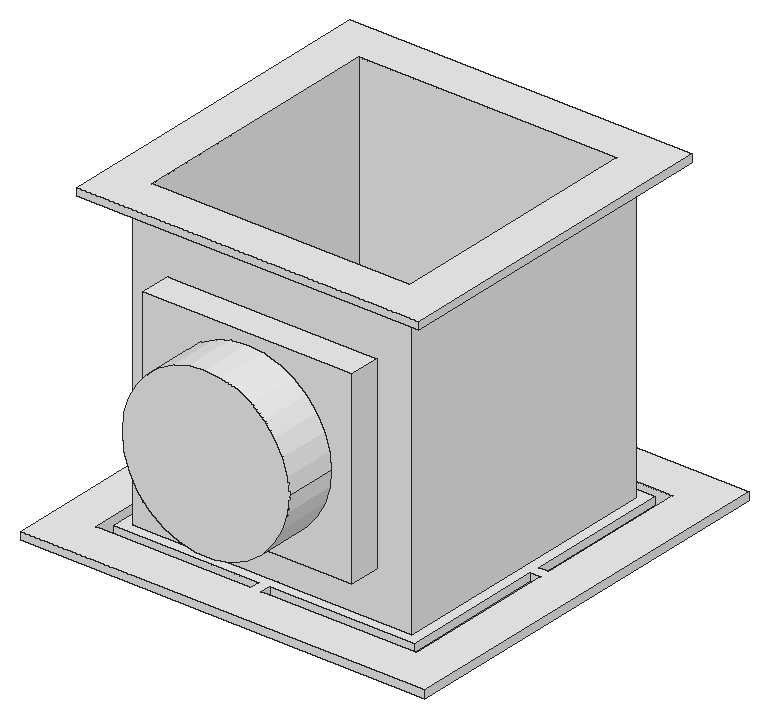
Revit family "Ceiling-Fan_VCDK-005C_Carnes", category Mechanical Equipment, host Ceiling, Revit 2012
Parameters
  ecoScorecard_data = ""
  ecoScorecard Product Page = "http://ecoscorecard.com/"
  Warranty URL = "http://www.carnes.com/GeneralCatalogs/termcond.pdf"
  Housing = Aluminum-Carnes-Spun-Brushed
  URL = "http://www.carnes.com/index.html"
  Specifications URL = ""
  Product Page URL = "http://www.carnes.com/Ventilation/VCDD-VCDK.htm"
  Parts List URL = "http://www.carnes.com/Ventilation/pdf/22005.pdf"
  Model = "VCDK 05C"  # constant formula
  Material = ""
  Manufacturer Toll Free Phone = ""
  Manufacturer Phone = "608-845-6411"  # constant formula
  Manufacturer Fax = "608-845-6470"  # constant formula
  Manufacturer Email = "mailto:carnes@carnes.com"
  Manufacturer Address = "448 S. Main St., P. O. Box 930040, Verona, WI 53593-0040"  # constant formula
  Manufacturer = "CARNES COMPANY"  # constant formula
  IOM Instructions URL = "http://www.carnes.com/ventilation/pdf/11221.pdf"
  Grill Size = "9-11/16 Sq."
  Grill Depth = 0' - 0 3/8"
  Duct Radius = 0' - 2"
  Duct Connector = "4\""
  Description = "Ceiling Ventilators"  # constant formula
  Cost Info = "mailto:carnes@carnes.com"
  Catalog URL = "http://www.carnes.com/Ventilation/pdf/C269-C295.pdf"
  Box Size = "6 11/16 Sq."
  Box Depth = 0' - 7 5/16"
  Assembly Code = "D3040200"
  95 CSI = "15850"  # constant formula
  04 CSI = "23 37 13"  # constant formula
Reference planes (in)
  plane 1 "Center (Front/Back)": y = 0
  plane 2 "Ceiling": z = 96
  plane 3 "Center (Left/Right)": x = 0
  plane 4: y = 3.34375
  plane 5: x = -3.34375
  plane 6: y = -3.34375
  plane 7: x = 3.34375
  plane 8: z = 95.625
  plane 9: z = 103.3125
  plane 10: y = 4.84375
  plane 11: x = -4.84375
  plane 12: y = -4.84375
  plane 13: x = 4.84375
  plane 14: y = 4.09375
  plane 15: x = -4.09375
  plane 16: y = -4.09375
  plane 17: x = 4.09375
  plane 18: z = 103.125
  plane 19: x = 3.09375
Forms (in)
  Sweep 1, solid, material "Aluminum-Carnes-Spun-Brushed" <- "Housing", detail levels fine
    path origin (0, 0, 96) x (0, -1, 0) y (1, 0, 0)
      loop
        line (-4.09375, 4.09375) -> (-4.09375, -4.09375) -> (4.09375, -4.09375) -> (4.09375, 4.09375) -> (-4.09375, 4.09375)
    profile origin (4.09375, 0, 96) x (1, 0, 0) y (0, 0, 1)
      loop
        line (0, 7.125) -> (0, 7.3125) -> (-0.75, 7.3125) -> (-0.75, 7.125) -> (0, 7.125)
  Sweep 2, solid, material "Aluminum-Carnes-Spun-Brushed" <- "Housing", detail levels fine
    path origin (0, 0, 96) x (0, -1, 0) y (1, 0, 0)
      loop
        line (-3.34375, 3.34375) -> (-3.34375, -3.34375) -> (3.34375, -3.34375) -> (3.34375, 3.34375) -> (-3.34375, 3.34375)
    profile origin (3.34375, 0, 96) x (1, 0, 0) y (0, 0, 1)
      loop
        line (-0.25, 0) -> (0, 0) -> (0, 7.3125) -> (-0.25, 7.3125) -> (-0.25, 0)
  Extrusion 3, solid, material "Aluminum-Carnes-Spun-Brushed" <- "Housing", detail levels fine
    sketch origin (0, 0, 96.375) x (1, 0, 0) y (0, 0, 1)
      loop
        circle (0, 3) r 2
    from 4.09375 to 5.34375
  Extrusion 4, solid, material "Aluminum-Carnes-Spun-Brushed" <- "Housing", detail levels fine
    sketch origin (0, 0, 102.375) x (0, -1, 0) y (1, 0, 0)
      loop
        line (3.34375, -2.5) -> (4.09375, -2.5) -> (4.09375, 2.5) -> (3.34375, 2.5) -> (3.34375, -2.5)
    from -5.25 to -0.75
Cuts and joins
  joined: Sweep 1, Sweep 2, Extrusion 3, Extrusion 4
Lines and regions (in)
  Opening 1
    outline origin (-60, 60, 97) x (-1, 0, 0) y (0, -1, 0)
      loop
        line (-55.15625, 55.15625) -> (-55.15625, 64.84375) -> (-64.84375, 64.84375) -> (-64.84375, 55.15625) -> (-55.15625, 55.15625)
  model lines, detail levels coarse+medium
    curve 1: line (-4.84375, 4.84375, 96) -> (4.84375, 4.84375, 96)
    curve 2: line (4.84375, -4.84375, 96) -> (4.84375, 4.84375, 96)
    curve 3: line (-4.84375, -4.84375, 96) -> (-2, -4.84375, 96)
    curve 4: line (-2, -5.34375, 96) -> (2, -5.34375, 96)
    curve 5: line (-4.84375, -4.84375, 96) -> (-4.84375, 4.84375, 96)
    curve 6: line (-2, -5.34375, 96) -> (-2, -4.84375, 96)
    curve 7: line (2, -5.34375, 96) -> (2, -4.84375, 96)
    curve 8: line (2, -4.84375, 96) -> (4.84375, -4.84375, 96)
Dimensions and locks (in)
  equal spacing: host sketch curve, plane 3 "Center (Left/Right)", host sketch curve
  equal spacing: host sketch curve, plane 1 "Center (Front/Back)", host sketch curve
  host sketch curve to host sketch curve = 10' - 0"  (x2)
  equal spacing: plane 5, plane 3 "Center (Left/Right)", plane 7
  plane 5 to plane 7 = 0' - 6 11/16"
  equal spacing: plane 4, plane 1 "Center (Front/Back)", plane 6
  plane 4 to plane 6 = 0' - 6 11/16"
  "Grill Depth": plane 2 "Ceiling" to plane 8
  "Box Depth": plane 9 to plane 2 "Ceiling"
  equal spacing: plane 10, plane 1 "Center (Front/Back)", plane 12
  plane 10 to plane 12 = 0' - 9 11/16"
  equal spacing: plane 11, plane 3 "Center (Left/Right)", plane 13
  plane 11 to plane 13 = 0' - 9 11/16"
  equal spacing: plane 15, plane 3 "Center (Left/Right)", plane 17
  plane 15 to plane 17 = 0' - 8 3/16"
  equal spacing: plane 14, plane 1 "Center (Front/Back)", plane 16
  plane 14 to plane 16 = 0' - 8 3/16"
  "Duct Radius": radius of Extrusion 3 sketch curve
  aligned and locked: plane 18 to Sweep 1 sketch curve
  aligned and locked: Sweep 2 sketch curve to plane 19
  aligned and locked: plane 1 "Center (Front/Back)" to nested 1
  aligned and locked: nested 1 to plane 3 "Center (Left/Right)"
Automatic sketch dimensions
  Sweep 1 sketch curve to plane 14 = 0' - 0"
  Sweep 1 sketch curve to plane 15 = 0' - 0"
  plane 16 to Sweep 1 sketch curve = 0' - 0"
  Sweep 1 sketch curve to plane 17 = 0' - 0"
  profile plane to Sweep 1 sketch curve = 0' - 0"
  Sweep 1 sketch curve to plane 18 = 0' - 0 3/16"
  profile plane to Sweep 1 sketch curve = 0' - 0 3/4"
  Sweep 2 sketch curve to plane 4 = 0' - 0"
  plane 6 to Sweep 2 sketch curve = 0' - 0"
  Sweep 2 sketch curve to plane 5 = 0' - 0"
  Sweep 2 sketch curve to plane 7 = 0' - 0"
  profile plane to Sweep 2 sketch curve = 0' - 0"
  Sweep 2 sketch curve to profile plane = 0' - 0"
  profile plane to Sweep 2 sketch curve = 0' - 7 5/16"
  Extrusion 3 sketch curve to plane 3 "Center (Left/Right)" = 0' - 0"
  plane 2 "Ceiling" to Extrusion 3 sketch curve = 0' - 3 3/8"
  plane 6 to Extrusion 4 sketch curve = 0' - 0"
  plane 16 to Extrusion 4 sketch curve = 0' - 0"
  plane 5 to Extrusion 4 sketch curve = 0' - 0 27/32"
  plane 7 to Extrusion 4 sketch curve = 0' - 0 27/32"
  Opening 1 sketch curve to plane 10 = 0' - 0"
  plane 13 to Opening 1 sketch curve = 0' - 0"
  plane 11 to Opening 1 sketch curve = 0' - 0"
  plane 12 to Opening 1 sketch curve = 0' - 0"
  curve 1 to plane 10 = 0' - 0"
  curve 1 to plane 11 = 0' - 0"
  plane 12 to curve 6 = 0' - 0"
  curve 2 to plane 13 = 0' - 0"
  plane 5 to curve 6 = 0' - 1 11/32"
  plane 12 to curve 4 = 0' - 0 1/2"
  plane 7 to curve 4 = 0' - 1 11/32"
  plane 12 to curve 7 = 0' - 0"
Nested families (in)
  nested 1: "Grill 1" at (0, 0, 95.625) x (0, -1, 0) z (0, 0, 1), type "Grill 1", detail levels fine
Definition of nested family "Grill 1"
  Parameters (values of type "Grill 1")
    Width = 0' - 9 11/16"
    Height = 0' - 0 3/8"
    Grill = Aluminum-Carnes-Spun-Brushed
    Depth = 0' - 9 11/16"
    Default Elevation = 4' - 0"
    Assembly Code = ""
  Reference planes (in)
    plane 1 "Center (Front/Back)": y = 0
    plane 2: z = 0
    plane 3 "Center (Left/Right)": x = 0
    plane 4: x = -4.84375
    plane 5: x = 4.84375
    plane 6: y = 4.84375
    plane 7: y = -4.84375
    plane 8: z = 0.375
  Forms (in)
    Sweep 1, solid, material "Aluminum-Carnes-Spun-Brushed" <- "Grill"
      path origin (0, 0, 0) x (1, 0, 0) y (0, 1, 0)
        loop
          line (-4.84375, 4.84375) -> (-4.84375, -4.84375) -> (4.84375, -4.84375) -> (4.84375, 4.84375) -> (-4.84375, 4.84375)
      profile origin (0, 4.84375, 0) x (0, 1, 0) y (0, 0, 1)
        loop
          line (0, 0.375) -> (-1, 0.375) -> (-1, 0) -> (-0.54372, 0) -> (0, 0.1875) -> (0, 0.375)
    Sweep 2, solid, material "Aluminum-Carnes-Spun-Brushed" <- "Grill"
      path in 3D
        loop
          line (-3.84375, 3.84375, 0.375) -> (3.84375, 3.84375, 0.375) -> (3.84375, -3.84375, 0.375) -> (-3.84375, -3.84375, 0.375) -> (-3.84375, 3.84375, 0.375)
      profile origin (-3.84375, 0, 0.375) x (-1, 0, 0) y (0, 0, 1)
        loop
          line (-0.25, -0.1875) -> (-0.25, 0) -> (-0.5, 0) -> (-0.5, -0.375) -> (-0.375, -0.375) -> (-0.25, -0.1875)
    Sweep 3, solid, material "Aluminum-Carnes-Spun-Brushed" <- "Grill"
      path in 3D
        loop
          line (3.34375, 3.34375, 0.375) -> (3.34375, -3.34375, 0.375) -> (-3.34375, -3.34375, 0.375) -> (-3.34375, 3.34375, 0.375) -> (3.34375, 3.34375, 0.375)
      profile origin (0, 3.34375, 0.375) x (0, 1, 0) y (0, 0, 1)
        loop
          line (-0.25, -0.1875) -> (-0.25, 0) -> (-0.5, 0) -> (-0.5, -0.375) -> (-0.375, -0.375) -> (-0.25, -0.1875)
    Sweep 4, solid, material "Aluminum-Carnes-Spun-Brushed" <- "Grill"
      path in 3D
        loop
          line (2.84375, 2.84375, 0.375) -> (2.84375, -2.84375, 0.375) -> (-2.84375, -2.84375, 0.375) -> (-2.84375, 2.84375, 0.375) -> (2.84375, 2.84375, 0.375)
      profile origin (0, 2.84375, 0.375) x (0, 1, 0) y (0, 0, 1)
        loop
          line (-0.25, -0.1875) -> (-0.25, 0) -> (-0.5, 0) -> (-0.5, -0.375) -> (-0.375, -0.375) -> (-0.25, -0.1875)
    Sweep 5, solid, material "Aluminum-Carnes-Spun-Brushed" <- "Grill"
      path in 3D
        loop
          line (2.34375, 2.34375, 0.375) -> (2.34375, -2.34375, 0.375) -> (-2.34375, -2.34375, 0.375) -> (-2.34375, 2.34375, 0.375) -> (2.34375, 2.34375, 0.375)
      profile origin (0, 2.34375, 0.375) x (0, 1, 0) y (0, 0, 1)
        loop
          line (-0.25, -0.1875) -> (-0.25, 0) -> (-0.5, 0) -> (-0.5, -0.375) -> (-0.375, -0.375) -> (-0.25, -0.1875)
    Sweep 6, solid, material "Aluminum-Carnes-Spun-Brushed" <- "Grill"
      path in 3D
        loop
          line (-1.84375, 1.84375, 0.375) -> (1.84375, 1.84375, 0.375) -> (1.84375, -1.84375, 0.375) -> (-1.84375, -1.84375, 0.375) -> (-1.84375, 1.84375, 0.375)
      profile origin (-1.84375, 0, 0.375) x (-1, 0, 0) y (0, 0, 1)
        loop
          line (-0.25, -0.1875) -> (-0.25, 0) -> (-0.5, 0) -> (-0.5, -0.375) -> (-0.375, -0.375) -> (-0.25, -0.1875)
    Sweep 7, solid, material "Aluminum-Carnes-Spun-Brushed" <- "Grill"
      path in 3D
        loop
          line (-1.34375, 1.34375, 0.375) -> (1.34375, 1.34375, 0.375) -> (1.34375, -1.34375, 0.375) -> (-1.34375, -1.34375, 0.375) -> (-1.34375, 1.34375, 0.375)
      profile origin (-1.34375, 0, 0.375) x (-1, 0, 0) y (0, 0, 1)
        loop
          line (-0.5, -0.375) -> (-0.5, 0) -> (-0.75, 0) -> (-0.75, -0.375) -> (-0.5, -0.375)
    Extrusion 8, solid, material "Aluminum-Carnes-Spun-Brushed" <- "Grill"
      sketch origin (0, 0, 0) x (1, 0, 0) y (0, 1, 0)
        loop
          line (-0.59375, 0.59375) -> (-0.59375, -0.59375) -> (0.59375, -0.59375) -> (0.59375, 0.59375) -> (-0.59375, 0.59375)
      from 0 to 0.375
    Extrusion 9, solid, material "Aluminum-Carnes-Spun-Brushed" <- "Grill"
      sketch origin (0, 0, 0) x (1, 0, 0) y (0, 1, 0)
        loop
          line (-0.125, 0.84375) -> (0.125, 0.84375) -> (0.125, 1.34375) -> (-0.125, 1.34375) -> (-0.125, 0.84375)
        loop
          line (0.125, 3.84375) -> (-0.125, 3.84375) -> (-0.125, 3.59375) -> (0.125, 3.59375) -> (0.125, 3.84375)
        loop
          line (-0.125, 3.34375) -> (-0.125, 3.09375) -> (0.125, 3.09375) -> (0.125, 3.34375) -> (-0.125, 3.34375)
        loop
          line (-0.125, 2.84375) -> (-0.125, 2.59375) -> (0.125, 2.59375) -> (0.125, 2.84375) -> (-0.125, 2.84375)
        loop
          line (-0.125, 2.34375) -> (-0.125, 2.09375) -> (0.125, 2.09375) -> (0.125, 2.34375) -> (-0.125, 2.34375)
        loop
          line (-0.125, 1.84375) -> (-0.125, 1.59375) -> (0.125, 1.59375) -> (0.125, 1.84375) -> (-0.125, 1.84375)
      from 0 to 0.375
    Extrusion 10, solid, material "Aluminum-Carnes-Spun-Brushed" <- "Grill"
      sketch origin (0, 0, 0) x (1, 0, 0) y (0, 1, 0)
        loop
          line (3.84375, -0.125) -> (3.84375, 0.125) -> (3.59375, 0.125) -> (3.59375, -0.125) -> (3.84375, -0.125)
        loop
          line (3.34375, 0.125) -> (3.09375, 0.125) -> (3.09375, -0.125) -> (3.34375, -0.125) -> (3.34375, 0.125)
        loop
          line (2.84375, 0.125) -> (2.59375, 0.125) -> (2.59375, -0.125) -> (2.84375, -0.125) -> (2.84375, 0.125)
        loop
          line (2.34375, 0.125) -> (2.09375, 0.125) -> (2.09375, -0.125) -> (2.34375, -0.125) -> (2.34375, 0.125)
        loop
          line (1.84375, 0.125) -> (1.59375, 0.125) -> (1.59375, -0.125) -> (1.84375, -0.125) -> (1.84375, 0.125)
        loop
          line (1.34375, 0.125) -> (0.84375, 0.125) -> (0.84375, -0.125) -> (1.34375, -0.125) -> (1.34375, 0.125)
      from 0 to 0.375
    Extrusion 11, solid, material "Aluminum-Carnes-Spun-Brushed" <- "Grill"
      sketch origin (0, 0, 0) x (1, 0, 0) y (0, 1, 0)
        loop
          line (-3.84375, 0.125) -> (-3.84375, -0.125) -> (-3.59375, -0.125) -> (-3.59375, 0.125) -> (-3.84375, 0.125)
        loop
          line (-0.84375, -0.125) -> (-0.84375, 0.125) -> (-1.34375, 0.125) -> (-1.34375, -0.125) -> (-0.84375, -0.125)
        loop
          line (-3.34375, -0.125) -> (-3.09375, -0.125) -> (-3.09375, 0.125) -> (-3.34375, 0.125) -> (-3.34375, -0.125)
        loop
          line (-2.84375, -0.125) -> (-2.59375, -0.125) -> (-2.59375, 0.125) -> (-2.84375, 0.125) -> (-2.84375, -0.125)
        loop
          line (-2.34375, -0.125) -> (-2.09375, -0.125) -> (-2.09375, 0.125) -> (-2.34375, 0.125) -> (-2.34375, -0.125)
        loop
          line (-1.84375, -0.125) -> (-1.59375, -0.125) -> (-1.59375, 0.125) -> (-1.84375, 0.125) -> (-1.84375, -0.125)
      from 0 to 0.375
    Extrusion 12, solid, material "Aluminum-Carnes-Spun-Brushed" <- "Grill"
      sketch origin (0, 0, 0) x (1, 0, 0) y (0, 1, 0)
        loop
          line (-0.125, -3.84375) -> (0.125, -3.84375) -> (0.125, -3.59375) -> (-0.125, -3.59375) -> (-0.125, -3.84375)
        loop
          line (0.125, -0.84375) -> (-0.125, -0.84375) -> (-0.125, -1.34375) -> (0.125, -1.34375) -> (0.125, -0.84375)
        loop
          line (0.125, -3.34375) -> (0.125, -3.09375) -> (-0.125, -3.09375) -> (-0.125, -3.34375) -> (0.125, -3.34375)
        loop
          line (0.125, -2.84375) -> (0.125, -2.59375) -> (-0.125, -2.59375) -> (-0.125, -2.84375) -> (0.125, -2.84375)
        loop
          line (0.125, -2.34375) -> (0.125, -2.09375) -> (-0.125, -2.09375) -> (-0.125, -2.34375) -> (0.125, -2.34375)
        loop
          line (0.125, -1.84375) -> (0.125, -1.59375) -> (-0.125, -1.59375) -> (-0.125, -1.84375) -> (0.125, -1.84375)
      from 0 to 0.375
  Cuts and joins
    joined: Sweep 1, Sweep 2, Sweep 3, Sweep 4, Sweep 5, Sweep 6, Sweep 7, Extrusion 8, Extrusion 9, Extrusion 10, Extrusion 11, Extrusion 12
  Lines and regions (in)
    sketch lines
      curve 1: line (-3.84375, -3.84375, 0.375) -> (-3.84375, 3.84375, 0.375)
      curve 2: line (3.84375, -3.84375, 0.375) -> (-3.84375, -3.84375, 0.375)
      curve 3: line (3.84375, 3.84375, 0.375) -> (3.84375, -3.84375, 0.375)
      curve 4: line (-3.84375, 3.84375, 0.375) -> (3.84375, 3.84375, 0.375)
      curve 5: line (-3.34375, 3.34375, 0.375) -> (3.34375, 3.34375, 0.375)
      curve 6: line (-3.34375, -3.34375, 0.375) -> (-3.34375, 3.34375, 0.375)
      curve 7: line (3.34375, -3.34375, 0.375) -> (-3.34375, -3.34375, 0.375)
      curve 8: line (3.34375, 3.34375, 0.375) -> (3.34375, -3.34375, 0.375)
      curve 9: line (-2.84375, 2.84375, 0.375) -> (2.84375, 2.84375, 0.375)
      curve 10: line (-2.84375, -2.84375, 0.375) -> (-2.84375, 2.84375, 0.375)
      curve 11: line (2.84375, -2.84375, 0.375) -> (-2.84375, -2.84375, 0.375)
      curve 12: line (2.84375, 2.84375, 0.375) -> (2.84375, -2.84375, 0.375)
      curve 13: line (-2.34375, 2.34375, 0.375) -> (2.34375, 2.34375, 0.375)
      curve 14: line (-2.34375, -2.34375, 0.375) -> (-2.34375, 2.34375, 0.375)
      curve 15: line (2.34375, -2.34375, 0.375) -> (-2.34375, -2.34375, 0.375)
      curve 16: line (2.34375, 2.34375, 0.375) -> (2.34375, -2.34375, 0.375)
      curve 17: line (-1.84375, -1.84375, 0.375) -> (-1.84375, 1.84375, 0.375)
      curve 18: line (1.84375, -1.84375, 0.375) -> (-1.84375, -1.84375, 0.375)
      curve 19: line (1.84375, 1.84375, 0.375) -> (1.84375, -1.84375, 0.375)
      curve 20: line (-1.84375, 1.84375, 0.375) -> (1.84375, 1.84375, 0.375)
      curve 21: line (-1.34375, -1.34375, 0.375) -> (-1.34375, 1.34375, 0.375)
      curve 22: line (1.34375, -1.34375, 0.375) -> (-1.34375, -1.34375, 0.375)
      curve 23: line (1.34375, 1.34375, 0.375) -> (1.34375, -1.34375, 0.375)
      curve 24: line (-1.34375, 1.34375, 0.375) -> (1.34375, 1.34375, 0.375)
  Dimensions and locks (in)
    equal spacing: plane 6, plane 1 "Center (Front/Back)", plane 7
    equal spacing: plane 4, plane 3 "Center (Left/Right)", plane 5
    "Width": plane 4 to plane 5
    "Depth": plane 6 to plane 7
    "Height": plane 8 to plane 2
    locked: profile plane to Sweep 1 sketch curve at 0.54372
    locked: plane 8 to Sweep 1 sketch curve at 0.1875
    equal spacing: Extrusion 9 sketch curve, plane 3 "Center (Left/Right)", Extrusion 9 sketch curve
    equal spacing: Extrusion 10 sketch curve, plane 1 "Center (Front/Back)", Extrusion 10 sketch curve
    aligned and locked: plane 2 to level
    aligned and locked: Sweep 1 sketch curve to plane 6
    aligned and locked: Sweep 1 sketch curve to plane 4
    aligned and locked: Sweep 1 sketch curve to plane 7
    aligned and locked: Sweep 1 sketch curve to plane 5
    aligned and locked: Sweep 1 sketch curve to profile plane
    aligned and locked: Sweep 1 sketch curve to plane 8
    aligned and locked: profile plane to Sweep 1 sketch curve
    aligned and locked: profile plane to Sweep 2 sketch curve
    aligned and locked: level to Sweep 2 sketch curve
    aligned and locked: profile plane to Sweep 3 sketch curve
    aligned and locked: level to Sweep 3 sketch curve
    aligned and locked: profile plane to Sweep 4 sketch curve
    aligned and locked: level to Sweep 4 sketch curve
    aligned and locked: profile plane to Sweep 5 sketch curve
    aligned and locked: level to Sweep 5 sketch curve
    aligned and locked: profile plane to Sweep 6 sketch curve
    aligned and locked: level to Sweep 6 sketch curve
    aligned and locked: profile plane to Sweep 7 sketch curve
    aligned and locked: level to Sweep 7 sketch curve
    aligned and locked: Extrusion 8 sketch curve to Sweep 7  (x4)
    aligned and locked: Extrusion 8 to plane 2
    aligned and locked: plane 8 to Extrusion 8
    aligned and locked: Sweep 1 to Extrusion 9 sketch curve
    aligned and locked: Sweep 2 to Extrusion 9 sketch curve  (x2)
    aligned and locked: Sweep 3 to Extrusion 9 sketch curve
    aligned and locked: Sweep 4 to Extrusion 9 sketch curve
    aligned and locked: Sweep 5 to Extrusion 9 sketch curve  (x2)
    aligned and locked: Extrusion 9 sketch curve to Extrusion 9 sketch curve  (x10)
    aligned and locked: Extrusion 9 to plane 2
    aligned and locked: plane 8 to Extrusion 9
    aligned and locked: cut or joined group 1 (Sweep 1, Sweep 2, Sweep 3, Sweep 4, Sweep 5, Sweep 6, Sweep 7, Extrusion 8, Extrusion 9, Extrusion 10, Extrusion 11, Extrusion 12) to Extrusion 10 sketch curve  (x11)
    aligned and locked: Extrusion 10 sketch curve to Extrusion 10 sketch curve  (x10)
    aligned and locked: Extrusion 10 to plane 2
    aligned and locked: plane 8 to Extrusion 10
    aligned and locked: cut or joined group 1 to Extrusion 11 sketch curve  (x12)
    aligned and locked: Extrusion 11 to plane 2
    aligned and locked: plane 8 to Extrusion 11
    aligned and locked: cut or joined group 1 to Extrusion 12 sketch curve  (x12)
    aligned and locked: Extrusion 12 to plane 2
    aligned and locked: plane 8 to Extrusion 12
  Automatic sketch dimensions
    Sweep 1 sketch curve to Sweep 1 sketch curve = 0' - 0.45628"
    profile plane to Sweep 2 sketch curve = 0' - 0 1/2"
    Sweep 2 sketch curve to Sweep 2 sketch curve = 0' - 0 1/8"
    profile plane to Sweep 2 sketch curve = 0' - 0 1/4"
    Sweep 2 sketch curve to Sweep 2 sketch curve = 0' - 0 3/16"
    profile plane to Sweep 3 sketch curve = 0' - 0 1/2"
    Sweep 3 sketch curve to Sweep 3 sketch curve = 0' - 0 1/8"
    profile plane to Sweep 3 sketch curve = 0' - 0 1/4"
    Sweep 3 sketch curve to Sweep 3 sketch curve = 0' - 0 3/16"
    profile plane to Sweep 4 sketch curve = 0' - 0 1/2"
    Sweep 4 sketch curve to Sweep 4 sketch curve = 0' - 0 1/8"
    Sweep 4 sketch curve to Sweep 4 sketch curve = 0' - 0 1/4"
    Sweep 4 sketch curve to profile plane = 0' - 0 3/16"
    profile plane to Sweep 5 sketch curve = 0' - 0 1/2"
    Sweep 5 sketch curve to Sweep 5 sketch curve = 0' - 0 1/8"
    Sweep 5 sketch curve to Sweep 5 sketch curve = 0' - 0 1/4"
    Sweep 5 sketch curve to profile plane = 0' - 0 3/16"
    profile plane to Sweep 6 sketch curve = 0' - 0 1/2"
    Sweep 6 sketch curve to Sweep 6 sketch curve = 0' - 0 1/8"
    Sweep 6 sketch curve to Sweep 6 sketch curve = 0' - 0 1/4"
    Sweep 6 sketch curve to profile plane = 0' - 0 3/16"
    profile plane to Sweep 7 sketch curve = 0' - 0 3/4"
    Sweep 7 sketch curve to Sweep 7 sketch curve = 0' - 0 1/4"
    Extrusion 9 sketch curve to plane 3 "Center (Left/Right)" = 0' - 0 1/8"
    Extrusion 10 sketch curve to plane 1 "Center (Front/Back)" = 0' - 0 1/8"
    Extrusion 10 sketch curve to Extrusion 10 sketch curve = 0' - 0 1/4"
    Extrusion 9 sketch curve to Extrusion 9 sketch curve = 0' - 0 1/4"  (x4)
    Extrusion 9 sketch curve to Extrusion 9 sketch curve = 0' - 0 1/2"
    Extrusion 11 sketch curve to plane 1 "Center (Front/Back)" = 0' - 0 1/8"  (x4)
    Extrusion 11 sketch curve to Extrusion 11 sketch curve = 0' - 0"  (x4)
    plane 1 "Center (Front/Back)" to Extrusion 11 sketch curve = 0' - 0 1/8"  (x4)
    Extrusion 12 sketch curve to plane 3 "Center (Left/Right)" = 0' - 0 1/8"  (x3)
    Extrusion 12 sketch curve to Extrusion 12 sketch curve = 0' - 0"  (x8)
    plane 3 "Center (Left/Right)" to Extrusion 12 sketch curve = 0' - 0 1/8"
